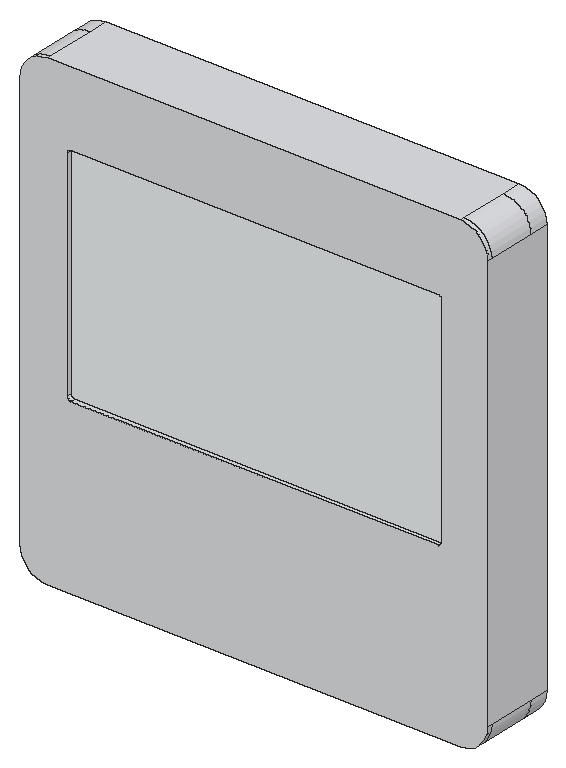
Revit family "Hitachi_Remote-Controller-PC-ARFG-E_LOD400", category Equipement de génie climatique, Revit 2018
Family settings
  Cote de connecteur circulaire = Utiliser le diamètre
  Classification = Aucun
  Type d'élément = Normal
  Numéro OmniClass = 23.75.65.14.17
  Titre OmniClass = Control and Monitoring Boards/Panels
  Basée sur le plan de construction = Oui
  Toujours verticalement = Oui
  Couper avec des vides une fois chargée = Non
  Partagée = Non
  Point de calcul de pièce = Non
Parameters (values of type "PC-ARFG-E")
  Uniformat code = "D306002"
  Uniformat = "Contrôle électronique "
  Screen = PC-ARFG-E-screen
  Reference = "PC-ARFG-E"
  OmniClass description = "HVAC Main Control Panels"
  OmniClass code = "23-27 15 23 11"
  IP Protection = "0X"
  Face = PC-ARFG-E-face
  Commentaires du type = "PC-ARFG-E - Advanced color wired remote controller"
  Reference description = "PC-ARFG-E - Advanced color wired remote controller"
  Product Code = "70510005"
  Overall width = 120 mm
  Overall height = 121 mm
  Overall depth = 21.5 mm
  Operating Humidity Range = "0"
  Omniclass = "HVAC Main Control Panels"
  Object type = "Control Panel"
  OMNICLASS Table 23 Code  = "23-27 15 23 11"
  Nominal Voltage = 5 V
  Nominal Current = 0 A
  Name ETIM = "Accessoires pour climatiseur"
  Name BIM&CO = "Panneau de contrôle"
  Name = "Remote Controller PC-ARFG-E"
  Model = "Remote Controller PC-ARFG-E"
  Minimum Operating Temperature = 5 °C
  Maximum Operating Temperature = 40 °C
  Masterformat Code = "23 09 33"
  MasterFormat = "Electric and Electronic Control System for HVAC"
  Mass = 0.17 kg
  Manufacturer Product Link = "https://documentation.hitachiaircon.com/glb/en/controls/pc-arfg-e-m-u"
  Fabricant = "Hitachi Air Conditioning Europe SAS"
  GTIN (Global Trade Item Number)  = ""
  Frequency = 0 Hz
  Electric Power = 0 W
  ETIM Code = "EC011603"
  Description = "Remote Controller PC-ARFG-E"
  Default Elevation = 1219.2 mm
  Communication Type = "HLINK"
  Color = "White"
  Clearance Zone [instance] = no
  Box = PC-ARFG-E-box
  BC_VARIANT_ID = "616885"
  BC_OBJECT_VERSION = "#2"  # constant formula
  BC_OBJECT_ID = "239936"  # constant formula
  BC_MODEL_ID = ""  # constant formula
Reference planes
  plane 1 "Center (Front/Back)": y = 0
  plane 2: z = 10
  plane 3 "Center (Left/Right)": x = 0
  plane 4: x = -60
  plane 5: x = 60
  plane 6: y = 10.75
  plane 7: z = 131
  plane 8 "Front": y = -6.95
  plane 9 "Back": y = 5.75
  plane 10 "Clearance Back": y = 60.75
  plane 11 "Clearance Left": x = -110
  plane 12 "Clearance Right": x = 110
  plane 13 "Clearance Front": y = -58.05
  plane 14 "Clearance Top": z = 181
  plane 15 "Clearance Bottom": z = -40
  plane 16 "Front Controls": y = -8.05
Forms (mm)
  Extrusion 1, solid, material "PC-ARFG-E-box" <- "Box"
    sketch origin (0, -6.95, 0) x (-1, 0, 0) y (0, 0, 1)
      loop
        line (53, 131) -> (-53, 131)
        arc (-53, 131) -> (-57.95, 128.95) -> (-60, 124) r 7
        line (-60, 124) -> (-60, 17)
        arc (-60, 17) -> (-57.95, 12.05) -> (-53, 10) r 7
        line (-53, 10) -> (53, 10)
        arc (53, 10) -> (57.95, 12.05) -> (60, 17) r 7
        line (60, 17) -> (60, 124)
        arc (60, 124) -> (57.95, 128.95) -> (53, 131) r 7
    from 0 to 12.7
  Extrusion 2, solid, material "PC-ARFG-E-box" <- "Box"
    sketch origin (0, -6.95, 0) x (-1, 0, 0) y (0, 0, 1)
      loop
        line (53, 131) -> (-53, 131)
        arc (-53, 131) -> (-57.95, 128.95) -> (-60, 124) r 7
        line (-60, 124) -> (-60, 17)
        arc (-60, 17) -> (-57.95, 12.05) -> (-53, 10) r 7
        line (-53, 10) -> (53, 10)
        arc (53, 10) -> (57.95, 12.05) -> (60, 17) r 7
        line (60, 17) -> (60, 124)
        arc (60, 124) -> (57.95, 128.95) -> (53, 131) r 7
      loop
        line (46.865, 112) -> (-47.231, 112)
        arc (-47.231, 112) -> (-47.938, 111.707) -> (-48.231, 111) r 1
        line (-48.231, 111) -> (-48.231, 55.246)
        arc (-48.231, 55.246) -> (-47.938, 54.539) -> (-47.231, 54.246) r 1
        line (-47.231, 54.246) -> (46.865, 54.246)
        arc (46.865, 54.246) -> (47.572, 54.539) -> (47.865, 55.246) r 1
        line (47.865, 55.246) -> (47.865, 111)
        arc (47.865, 111) -> (47.572, 111.707) -> (46.865, 112) r 1
    from 0 to -1.1
  Extrusion 3, solid, material "PC-ARFG-E-box" <- "Box"
    sketch origin (0, 5.75, 0) x (-1, 0, 0) y (0, 0, 1)
      loop
        arc (-53, 131) -> (-57.95, 128.95) -> (-60, 124) r 7
        line (-60, 124) -> (-60, 17)
        arc (-60, 17) -> (-57.95, 12.05) -> (-53, 10) r 7
        line (-53, 10) -> (53, 10)
        arc (53, 10) -> (57.95, 12.05) -> (60, 17) r 7
        line (60, 17) -> (60, 124)
        arc (60, 124) -> (57.95, 128.95) -> (53, 131) r 7
        line (53, 131) -> (-53, 131)
      loop
        line (-31.315, 46.602) -> (-31.315, 18.92) -> (-14.015, 18.92) -> (-14.015, 46.602) -> (-31.315, 46.602)
      loop
        line (31.315, 46.602) -> (14.015, 46.602) -> (14.015, 18.92) -> (31.315, 18.92) -> (31.315, 46.602)
    from 0 to 5
  Extrusion 4, solid, material "Clearance Zone", visible <- "Clearance Zone"
    sketch origin (0, 0, 10) x (1, 0, 0) y (0, 1, 0)
      loop
        line (-110, 60.75) -> (-110, -58.05) -> (110, -58.05) -> (110, 60.75) -> (-110, 60.75)
    from 160 to -50
Cuts and joins
  joined: Extrusion 1, Extrusion 2, Extrusion 3
Lines and regions (mm)
  symbolic lines, style "Clearance Zone"
    curve 1: line (-110, 60.75, 10) -> (110, 60.75, 10)
    curve 2: line (-110, -58.05, 10) -> (-110, 60.75, 10)
    curve 3: line (110, -58.05, 10) -> (-110, -58.05, 10)
    curve 4: line (110, 60.75, 10) -> (110, -58.05, 10)
    curve 5: line (-110, -10.75, 181) -> (110, -10.75, 181)
    curve 6: line (-110, -10.75, -40) -> (-110, -10.75, 181)
    curve 7: line (110, -10.75, -40) -> (-110, -10.75, -40)
    curve 8: line (110, -10.75, 181) -> (110, -10.75, -40)
    curve 9: line (0, 60.75, 181) -> (0, -58.05, 181)
    curve 10: line (0, 60.75, -40) -> (0, 60.75, 181)
    curve 11: line (0, -58.05, -40) -> (0, 60.75, -40)
    curve 12: line (0, -58.05, 181) -> (0, -58.05, -40)
Dimensions and locks
  equal spacing: plane 4, plane 3 "Center (Left/Right)", plane 5
  "Overall width": plane 4 to plane 5
  plane 6 to plane 1 "Center (Front/Back)" = 10.75 mm
  "Overall height": plane 7 to plane 2
  locked: plane 6 to plane 9 "Back" at 5
  plane 10 "Clearance Back" to plane 6 = 50 mm
  plane 11 "Clearance Left" to plane 4 = 50 mm
  plane 5 to plane 12 "Clearance Right" = 50 mm
  plane 10 "Clearance Back" to plane 13 "Clearance Front" = 118.8 mm
  plane 11 "Clearance Left" to plane 12 "Clearance Right" = 220 mm
  plane 14 "Clearance Top" to plane 7 = 50 mm
  plane 2 to plane 15 "Clearance Bottom" = 50 mm
  locked: plane 16 "Front Controls" to Extrusion 4 at 50
  aligned and locked: level to plane 2
  aligned and locked: plane 9 "Back" to cut or joined group of Extrusion 1, Extrusion 2, Extrusion 3
  aligned and locked: Extrusion 3 to plane 9 "Back"
  aligned and locked: plane 6 to Extrusion 3
Automatic sketch dimensions
  Extrusion 1 sketch curve to plane 5 = 0 mm
  Extrusion 1 sketch curve to plane 7 = 0 mm
  Extrusion 1 sketch curve to level = 0 mm
  Extrusion 1 sketch curve to plane 4 = 0 mm
  Extrusion 1 sketch curve to plane 5 = 7 mm  (x2)
  Extrusion 1 sketch curve to Extrusion 1 sketch curve = 7 mm
  plane 4 to Extrusion 1 sketch curve = 7 mm
  Extrusion 3 sketch curve to plane 5 = 0 mm
  Extrusion 3 sketch curve to level = 0 mm
  Extrusion 3 sketch curve to plane 7 = 0 mm
  Extrusion 3 sketch curve to plane 4 = 0 mm
  level to Extrusion 3 sketch curve = 7 mm  (x2)
  Extrusion 3 sketch curve to plane 5 = 7 mm
  Extrusion 3 sketch curve to plane 5 = 28.685 mm
  plane 3 "Center (Left/Right)" to Extrusion 3 sketch curve = 14.015 mm
  Extrusion 3 sketch curve to plane 3 "Center (Left/Right)" = 14.015 mm
  Extrusion 3 sketch curve to Extrusion 3 sketch curve = 17.301 mm
  plane 4 to Extrusion 3 sketch curve = 7 mm
  level to Extrusion 3 sketch curve = 8.92 mm  (x2)
  Extrusion 3 sketch curve to Extrusion 3 sketch curve = 27.681 mm  (x2)
  plane 12 "Clearance Right" to curve 5 = 0 mm
  curve 6 to plane 11 "Clearance Left" = 0 mm
  curve 7 to plane 15 "Clearance Bottom" = 0 mm
  curve 6 to plane 14 "Clearance Top" = 0 mm
  Extrusion 2 sketch curve to plane 5 = 0 mm
  Extrusion 2 sketch curve to level = 0 mm
  Extrusion 2 sketch curve to plane 7 = 0 mm
  Extrusion 2 sketch curve to plane 4 = 0 mm
  Extrusion 2 sketch curve to plane 5 = 7 mm
  Extrusion 2 sketch curve to Extrusion 2 sketch curve = 7 mm  (x2)
  Extrusion 2 sketch curve to plane 5 = 11.769 mm
  Extrusion 2 sketch curve to Extrusion 2 sketch curve = 1 mm  (x2)
  Extrusion 2 sketch curve to plane 7 = 19 mm
  Extrusion 2 sketch curve to Extrusion 2 sketch curve = 5.769 mm
  plane 4 to Extrusion 2 sketch curve = 13.135 mm  (x2)
  plane 4 to Extrusion 2 sketch curve = 7 mm
  Extrusion 2 sketch curve to Extrusion 2 sketch curve = 56.754 mm
  curve 9 to plane 13 "Clearance Front" = 0 mm
  curve 11 to plane 10 "Clearance Back" = 0 mm
  plane 15 "Clearance Bottom" to curve 11 = 0 mm
  plane 14 "Clearance Top" to curve 10 = 0 mm
  curve 3 to plane 11 "Clearance Left" = 0 mm
  curve 3 to plane 12 "Clearance Right" = 0 mm
  curve 3 to plane 13 "Clearance Front" = 0 mm
  curve 2 to plane 10 "Clearance Back" = 0 mm
  Extrusion 4 sketch curve to plane 11 "Clearance Left" = 0 mm
  Extrusion 4 sketch curve to plane 12 "Clearance Right" = 0 mm
  Extrusion 4 sketch curve to plane 13 "Clearance Front" = 0 mm
  Extrusion 4 sketch curve to plane 10 "Clearance Back" = 0 mm
Connectors
  electrical at (22.665, 10.75, 32.761)
    settings: on cut or joined group of Extrusion 1, Extrusion 2, Extrusion 3, index 10, voltage 0 V, apparent load 0 VA, apparent load phase1 0 VA, apparent load phase2 0 VA, apparent load phase3 0 VA, power factor 1, load classification "Other", number of poles 1, system type 13, power factor state 1, is connector primary yes, connector utility no, sub classification motor no, connector description "Remote control switch"
  electrical at (-22.665, 10.75, 32.761)
    settings: on cut or joined group of Extrusion 1, Extrusion 2, Extrusion 3, index 11, voltage 0 V, apparent load 0 VA, apparent load phase1 0 VA, apparent load phase2 0 VA, apparent load phase3 0 VA, power factor 1, load classification "Other", number of poles 1, system type 31, power factor state 1, is connector primary no, connector utility no, sub classification motor no, connector description "Electrical box of indoor unit"
